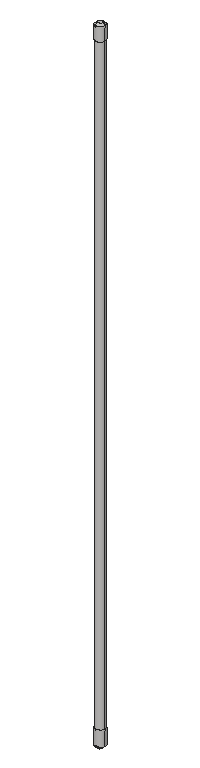
Revit family "FA_СтерженьЗаземления_EZETEK", category Системы пожарной сигнализации, Revit 2017
Family settings
  Сохранять ориентацию аннотаций = Нет
  Размер круглого соединителя = Использовать радиус
  Тип детали = Нормальный
  На основе рабочей плоскости = Нет
  Всегда вертикально = Да
  При загрузке вырезать с полостями = Нет
  Общий = Нет
  Точка расчета площади = Нет
Parameters (values of type "СтерженьЗаземления_Нержавеющей_20х1500_90129")
  Описание = "Стержень заземления представляет собой стальной круглый проводник с резьбой на концах."  # constant formula
  Производитель_Контакты = "ezetek@ezetek.ru"  # constant formula
  Изготовитель = "Ezetek"  # constant formula
  Группа модели = "Стержни заземления"  # constant formula
  URL = "https://ezetek.ru/"
  D2 = ADSK_Размер_Диаметр + 2 mm  # 22 mm
  D1 = ADSK_Размер_Диаметр * 0.6  # 12 mm
  ADSK_Этаж [instance] = ""
  ADSK_Размер_Длина = 1500 mm
  ADSK_Размер_Диаметр = 20 mm
  ADSK_Примечание [instance] = ""
  ADSK_Позиция [instance] = ""
  ADSK_Обозначение = "90129"
  ADSK_Наименование краткое [instance] = "Стержень заземления из нержавеющей стали"
  ADSK_Наименование = "Стержень заземления из нержавеющей стали 20 мм х 1500 мм\r\nСтержень заземления из нержавеющей стали 18 мм х 1500 мм\r\nСтержень заземления из нержавеющей стали 18 мм х 1500 мм"
  ADSK_Материал = BIMLIB_Сталь_Нержавеющая_EZETEK
  ADSK_Масса_Текст = "3.7"
  ADSK_Масса = 3.7
  ADSK_Марка = "90129"
  ADSK_Количество = 1  # constant formula
  ADSK_Код изделия = "90129"
  ADSK_Завод-изготовитель = "Ezetek"  # constant formula
  ADSK_Единица измерения = "шт."  # constant formula
  ADSK_Группирование [instance] = ""
  ADSK_Версия Revit = "2017"  # constant formula
Types (18, lengths in mm): name | D2 | D1 | ADSK_Размер_Длина | ADSK_Размер_Диаметр | ADSK_Обозначение | ADSK_Наименование краткое | ADSK_Наименование | ADSK_Материал | ADSK_Масса_Текст | ADSK_Масса | ADSK_Марка | ADSK_Код изделия
  СтерженьЗаземления_Омедненный_14х1200_90124 | 16 | 8.4 | 1200 | 14 | "90124" | "Стержень заземления омедненный" | "Стержень заземления омедненный 14 мм х 1200 мм" | BIMLIB_Медь_EZETEK | "1.5" | 1.5 | "90124" | "90124"
  СтерженьЗаземления_Омедненный_14х1500_90121 | 16 | 8.4 | 1500 | 14 | "90121" | "Стержень заземления омедненный" | "Стержень заземления омедненный 14 мм х 1500 мм" | BIMLIB_Медь_EZETEK | "1.9" | 1.9 | "90121" | "90121"
  СтерженьЗаземления_Омедненный_16х1500_90125 | 18 | 9.6 | 1500 | 16 | "90125" | "Стержень заземления омедненный" | "Стержень заземления омедненный 16 мм х 1500 мм" | BIMLIB_Медь_EZETEK | "2.4" | 2.4 | "90125" | "90125"
  СтерженьЗаземления_Омедненный_18х1200_61012 | 20 | 10.8 | 1200 | 18 | "61012" | "Стержень заземления омедненный" | "Стержень заземления омедненный 18 мм х 1200 мм" | BIMLIB_Медь_EZETEK | "3" | 3 | "61012" | "61012"
  СтерженьЗаземления_Омедненный_18х1500_61022 | 20 | 10.8 | 1500 | 18 | "61022" | "Стержень заземления омедненный" | "Стержень заземления омедненный 18 мм х 1500 мм" | BIMLIB_Медь_EZETEK | "3" | 3 | "61022" | "61022"
  СтерженьЗаземления_Омедненный_20х1200_61032 | 22 | 12 | 1200 | 20 | "61032" | "Стержень заземления омедненный" | "Стержень заземления омедненный 20 мм х 1200 мм" | BIMLIB_Медь_EZETEK | "3" | 3 | "61032" | "61032"
  СтерженьЗаземления_Омедненный_20х1500_61042 | 22 | 12 | 1500 | 20 | "61042" | "Стержень заземления омедненный" | "Стержень заземления омедненный 20 мм х 1500 мм" | BIMLIB_Медь_EZETEK | "3.7" | 3.7 | "61042" | "61042"
  СтерженьЗаземления_Оцинкованный_16х1200_90137 | 18 | 9.6 | 1200 | 16 | "90137" | "Стержень заземления оцинкованный" | "Стержень заземления оцинкованный 16 мм х 1200 мм\r\nСтержень заземления оцинкованный 16 мм х 1200 мм\r\nСтержень заземления оцинкованный 16 мм х 1200 мм" | BIMLIB_Сталь_Оцинкованная_EZETEK | "1.9" | 1.9 | "90137" | "90137"
  СтерженьЗаземления_Оцинкованный_16х1500_90136 | 18 | 9.6 | 1500 | 16 | "90136" | "Стержень заземления оцинкованный" | "Стержень заземления оцинкованный 16 мм х 1500 мм\r\nСтержень заземления оцинкованный 16 мм х 1200 мм\r\nСтержень заземления оцинкованный 16 мм х 1200 мм" | BIMLIB_Сталь_Оцинкованная_EZETEK | "2.4" | 2.4 | "90136" | "90136"
  СтерженьЗаземления_Оцинкованный_18х1200_61015 | 20 | 10.8 | 1200 | 18 | "61015" | "Стержень заземления оцинкованный" | "Стержень заземления оцинкованный 18 мм х 1200 мм\r\nСтержень заземления оцинкованный 16 мм х 1200 мм\r\nСтержень заземления оцинкованный 16 мм х 1200 мм" | BIMLIB_Сталь_Оцинкованная_EZETEK | "2.4" | 2.4 | "61015" | "61015"
  СтерженьЗаземления_Оцинкованный_18х1500_61025 | 20 | 10.8 | 1500 | 18 | "61025" | "Стержень заземления оцинкованный" | "Стержень заземления оцинкованный 18 мм х 1500 мм" | BIMLIB_Сталь_Оцинкованная_EZETEK | "3" | 3 | "61025" | "61025"
  СтерженьЗаземления_Оцинкованный_20х1200_61035 | 22 | 12 | 1200 | 20 | "61035" | "Стержень заземления оцинкованный" | "Стержень заземления оцинкованный 20 мм х 1200 мм" | BIMLIB_Сталь_Оцинкованная_EZETEK | "3" | 3 | "61035" | "61035"
  СтерженьЗаземления_Оцинкованный_20х1500_61045 | 22 | 12 | 1500 | 20 | "61045" | "Стержень заземления оцинкованный" | "Стержень заземления оцинкованный 20 мм х 1500 мм" | BIMLIB_Сталь_Оцинкованная_EZETEK | "3.7" | 3.7 | "61045" | "61045"
  СтерженьЗаземления_ГорЦинкование_16х1500_61064 | 18 | 9.6 | 1500 | 16 | "61064" | "Стержень заземления оцинкованный" | "Стержень заземления оцинкованный 16 мм х 1500 мм, гор.цинк." | BIMLIB_Сталь_ГорОцинкованная_EZETEK | "2.4" | 2.4 | "61064" | "61064"
  СтерженьЗаземления_Нержавеющей_16х1500_90133 | 18 | 9.6 | 1500 | 16 | "90133" | "Стержень заземления из нержавеющей стали" | "Стержень заземления из нержавеющей стали 16 мм х 1500 мм" | BIMLIB_Сталь_Нержавеющая_EZETEK | "2.4" | 2.4 | "90133" | "90133"
  СтерженьЗаземления_Нержавеющей_18х1500_90135 | 20 | 10.8 | 1500 | 18 | "90135" | "Стержень заземления из нержавеющей стали" | "Стержень заземления из нержавеющей стали 18 мм х 1500 мм\r\nСтержень заземления из нержавеющей стали 18 мм х 1500 мм\r\nСтержень заземления из нержавеющей стали 18 мм х 1500 мм" | BIMLIB_Сталь_Нержавеющая_EZETEK | "2.4" | 2.4 | "90135" | "90135"
  СтерженьЗаземления_Нержавеющей_20х1200_90128 | 22 | 12 | 1200 | 20 | "90128" | "Стержень заземления из нержавеющей стали" | "Стержень заземления из нержавеющей стали 20 мм х 1200 мм\r\nСтержень заземления из нержавеющей стали 18 мм х 1500 мм\r\nСтержень заземления из нержавеющей стали 18 мм х 1500 мм" | BIMLIB_Сталь_Нержавеющая_EZETEK | "3" | 3 | "90128" | "90128"
  СтерженьЗаземления_Нержавеющей_20х1500_90129 | 22 | 12 | 1500 | 20 | "90129" | "Стержень заземления из нержавеющей стали" | "Стержень заземления из нержавеющей стали 20 мм х 1500 мм\r\nСтержень заземления из нержавеющей стали 18 мм х 1500 мм\r\nСтержень заземления из нержавеющей стали 18 мм х 1500 мм" | BIMLIB_Сталь_Нержавеющая_EZETEK | "3.7" | 3.7 | "90129" | "90129"
Reference planes
  plane 1 "По центру (Вперед/Назад)": y = 0
  plane 2: z = 0
  plane 3 "По центру (Влево/Вправо)": x = 0
  plane 4: z = 1500
  plane 5: z = 1505
  plane 6: z = 1470
  plane 7: x = 10
  plane 8: x = 11
  plane 9: x = -10
  plane 10: x = -11
  plane 11: z = 40
  plane 12: z = 5
Forms (mm)
  Revolve 1, solid, material "BIMLIB_Сталь_Нержавеющая_EZETEK" <- "ADSK_Материал", detail levels medium+fine
    sketch origin (0, 0, 0) x (1, 0, 0) y (0, 0, 1)
      loop
        line (10, 1470) -> (11, 1470) -> (11, 1500) -> (0, 1500) -> (0, 5) -> (10, 5) -> (11, 5) -> (11, 40) -> (10, 40) -> (10, 1470)
      axis (0, 1500) -> (0, 5)
    angle from 0 to 360
  Blend 2, solid, material "BIMLIB_Сталь_Нержавеющая_EZETEK" <- "ADSK_Материал", detail levels medium+fine
    base sketch origin (0, 0, 0) x (1, 0, 0) y (0, 1, 0)
      loop
        circle (0, 0) r 11
    top sketch origin (0, 0, 0) x (1, 0, 0) y (0, 1, 0)
      loop
        circle (0, 0) r 6
    from 1500 to 1505
  Blend 3, solid, material "BIMLIB_Сталь_Нержавеющая_EZETEK" <- "ADSK_Материал", detail levels medium+fine
    base sketch origin (0, 0, 0) x (1, 0, 0) y (0, 1, 0)
      loop
        circle (0, 0) r 6
    top sketch origin (0, 0, 0) x (1, 0, 0) y (0, 1, 0)
      loop
        circle (0, 0) r 11
    from 0 to 5
Cuts and joins
  joined: Revolve 1, Blend 2
Dimensions and locks
  "ADSK_Размер_Длина": plane 4 to plane 2
  locked: plane 5 to plane 4 at 5
  locked: plane 5 to plane 6 at 35
  equal spacing: plane 10, plane 3 "По центру (Влево/Вправо)", plane 8
  equal spacing: plane 7, plane 3 "По центру (Влево/Вправо)", plane 9
  "ADSK_Размер_Диаметр": plane 7 to plane 9
  "D2": plane 10 to plane 8
  locked: plane 12 to plane 2 at 5
  locked: plane 11 to plane 12 at 35
  "D2": diameter of Blend 2 sketch curve
  "D1": diameter of Blend 2 sketch curve
  "D1": diameter of Blend 3 sketch curve
  "D2": diameter of Blend 3 sketch curve
  aligned and locked: level to plane 2
  aligned and locked: plane 3 "По центру (Влево/Вправо)" to Revolve 1 sketch curve  (x2)
  aligned and locked: plane 3 "По центру (Влево/Вправо)" to Blend 2 sketch curve  (x2)
  aligned and locked: plane 1 "По центру (Вперед/Назад)" to Blend 2 sketch curve  (x2)
  aligned and locked: Blend 2 to plane 4
  aligned and locked: plane 5 to Blend 2
  aligned and locked: plane 6 to Revolve 1 sketch curve
  aligned and locked: plane 4 to Revolve 1 sketch curve
  aligned and locked: plane 8 to Revolve 1 sketch curve
  aligned and locked: plane 7 to Revolve 1 sketch curve  (x3)
  aligned and locked: plane 12 to Revolve 1 sketch curve  (x2)
  aligned and locked: Revolve 1 sketch curve to plane 11
  aligned and locked: Revolve 1 sketch curve to plane 8
  aligned and locked: plane 3 "По центру (Влево/Вправо)" to Blend 3 sketch curve  (x2)
  aligned and locked: plane 1 "По центру (Вперед/Назад)" to Blend 3 sketch curve  (x2)
  aligned and locked: plane 12 to Blend 3
  aligned and locked: Blend 3 to plane 2
Automatic sketch dimensions
  Revolve 1 sketch curve to plane 3 "По центру (Влево/Вправо)" = 0 mm
  Revolve 1 sketch curve to level = 366.045 mm
  plane 5 to Revolve 1 sketch curve = 990.858 mm
